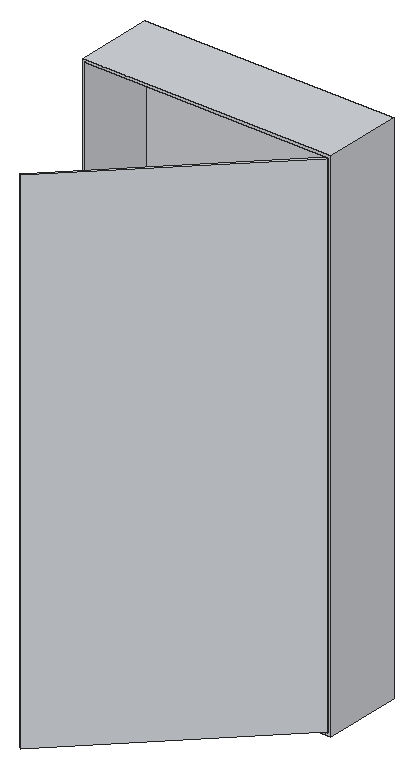
Revit family "Hager-Volta-IP30-Surface_mounted-leer-NoHosted-AT-de", category Electrical Equipment, Revit 2020
Family settings
  Panel Configuration = Two Columns, Circuits Across
  Round Connector Dimension = Use Diameter
  Part Type = Panelboard
  Work Plane-Based = Yes
  Always vertical = Yes
  Cut with Voids When Loaded = No
  Shared = No
  Room Calculation Point = No
Parameters (values of type "Aufputz IP30 B305 H640 T96.5 12 Teilungseinheiten - VA48WWH")
  Width Control [instance] = if([HG000006 - Unterputz], if([EF000846 - Einbaubreite] > min_whd, [EF000846 - Einbaubreite], min_whd), if([EF000008 - Breite] > min_whd, ([EF000008 - Breite]), min_whd))  # 305 mm
  Void Depth [instance] = if([EF000218 - Einbautiefe] > 1 mm, [EF000218 - Einbautiefe], 1 mm)  # 1 mm
  Type Comments = [HG000003 - Bereich]  # "Volta"
  System Height [instance] = Height Control - 2 * [HG000005 - Dicke]  # 634 mm
  Panel Name [instance] = ""  # (empty or 0)
  Offset [instance] = 0 mm
  Model = [HG000004 - Herstellerreferenz]  # "VA48WWH"
  Level Offset [instance] = [Flush Mounted - Door Frame Width] + Offset  # 0 mm
  HG000017 - Distanz zwischen den Polen = 18 mm
  HG000016 - 3D-Türsichtbarkeit [instance] = yes
  HG000015 - Sichtbarkeit der Türöffnung [instance] = no
  HG000014 - Tür rechts [instance] = yes
  HG000013 - Tür links [instance] = not([HG000014 - Tür rechts])  # no
  HG000012 - Türschwenkwinkel [instance] = 45.00°
  HG000011 - Leere Reihen von unten = no
  HG000010 - Asymmetrische Türen = no
  HG000009 - Doppelflügeligen Tür = no
  HG000008 - Anzahl der leeren Reihen = 0
  HG000007 - Anzahl der leeren Spalten = 0
  HG000006 - Unterputz = no
  HG000005 - Dicke = 3 mm  # constant formula
  HG000004 - Herstellerreferenz = "VA48WWH"
  HG000003 - Bereich = "Volta"
  HG000002 - Mit tür = yes
  HG000001 - Anzahl der Spalten = 0
  EF015941 - Signaldurchlassende Tür = no
  EF015777 - Neutralleiterklemmenblock = no
  EF015776 - Erdungsklemmenblock = no
  EF009212 - Ausführung Deckel = "EV009916 - mit Ausschnitt"
  EF006306 - Mit Schloss = no
  EF006244 - Transparenter Deckel/Tür = no
  EF005474 - Schutzart (IP) = "EV006410 - IP30"
  EF004462 - Art der Schließung = "EV000154 - sonstige"
  EF002950 - Breite in Teilungseinheiten = 12
  EF001596 - Werkstoff des Gehäuses = "EV000154 - sonstige"
  EF001134 - DIN-Schiene = yes
  EF001131 - Innentiefe = 92 mm
  EF001088 - Anbaumöglichkeit = yes
  EF001062 - EMV-Ausführung = no
  EF000846 - Einbaubreite = 0 mm
  EF000339 - Art der Abdeckung = "EV004216 - Tür"
  EF000332 - Einbauhöhe = 0 mm
  EF000266 - Anzahl der Reihen = 0
  EF000218 - Einbautiefe = 0 mm
  EF000118 - Mit Montageplatte = yes
  EF000116 - RAL-Nummer = "9010"
  EF000049 - Tiefe = 96 mm
  EF000040 - Höhe = 640 mm
  EF000008 - Breite = 305 mm
  EF000007 - Farbe = "EV000202 - weiß"
  EF000003 - Montageart = "EV000384 - Aufputz"
  Description = ""
  Default Elevation = 1219.2 mm
  Arrow Offset [instance] = Depth Control / 8  # 12 mm
  Arrow Height [instance] = Depth Control - Arrow Offset  # 84 mm
  Host Offset [instance] = if([HG000006 - Unterputz], 0 mm, [EF000049 - Tiefe])  # 96 mm
  min_whd [instance] = (2 * [HG000005 - Dicke]) + 1 mm  # 7 mm
  Manufacturer = "Hager"  # constant formula
  Height Control [instance] = if([HG000006 - Unterputz], if([EF000332 - Einbauhöhe] > min_whd, [EF000332 - Einbauhöhe], min_whd), if([EF000040 - Höhe] > min_whd, ([EF000040 - Höhe]), min_whd))  # 640 mm
  Flush Mounted - Door Frame Width [instance] = if(([EF000040 - Höhe] - [EF000332 - Einbauhöhe]) > 0 mm, if([HG000006 - Unterputz], [EF000040 - Höhe] - [EF000332 - Einbauhöhe], 0 mm), 0 mm)  # 0 mm
  Depth Control [instance] = if([HG000006 - Unterputz], if([EF000218 - Einbautiefe] > 0 mm, [EF000218 - Einbautiefe], 1 mm), if([EF000049 - Tiefe] > 0 mm, ([EF000049 - Tiefe]), 1 mm))  # 96 mm
Types (4, lengths in mm): name | System Height | Model | HG000004 - Herstellerreferenz | EF000040 - Höhe | Height Control
  Aufputz IP30 B305 H515 T96.5 12 Teilungseinheiten - VA36NW | 509 | "VA36NW" | "VA36NW" | 515 | 515
  Aufputz IP30 B305 H515 T96.5 12 Teilungseinheiten - VA36WWH | 509 | "VA36WWH" | "VA36WWH" | 515 | 515
  Aufputz IP30 B305 H640 T96.5 12 Teilungseinheiten - VA48NW | 634 | "VA48NW" | "VA48NW" | 640 | 640
  Aufputz IP30 B305 H640 T96.5 12 Teilungseinheiten - VA48WWH | 634 | "VA48WWH" | "VA48WWH" | 640 | 640
Reference planes
  plane 1 "Center (Front/Back)": y = 0
  plane 2: z = 0
  plane 3 "Center (Left/Right)": x = 0
  plane 4: y = 3
  plane 5: y = 0
  plane 6: y = 0
  plane 7: z = 0
  plane 8: x = -152.5
  plane 9: x = 152.5
  plane 10: x = 149.5
  plane 11: x = -149.5
  plane 12: z = 0
  plane 13: z = 3
  plane 14: y = -91
  plane 15: y = -96
  plane 16: y = -3
  plane 17: z = 637
  plane 18: z = 640
  plane 19: z = 320
  plane 20: x = 0
  plane 21: y = -100
Forms (mm)
  Extrusion 1, solid
    sketch origin (-208.679, -4572, 0) x (-1, 0, 0) y (0, -1, 0)
      loop
        line (-56.179, -4476) -> (-361.179, -4476) -> (-361.179, -4572) -> (-56.179, -4572) -> (-56.179, -4476)
    from 0 to 640 <- "Height Control"
  Extrusion 2, void
    sketch origin (-350.771, -96, 1219.2) x (1, 0, 0) y (0, 0, 1)
      loop
        line (201.271, -582.2) -> (201.271, -1216.2) -> (500.271, -1216.2) -> (500.271, -582.2) -> (201.271, -582.2)
    from 0 to -93
  Extrusion 3, solid, detail levels coarse+medium
    sketch origin (-350.771, -96, 1219.2) x (-1, 0, 0) y (0, 0, 1)
      loop
        line (-201.271, -582.2) -> (-500.271, -582.2) -> (-500.271, -1216.2) -> (-201.271, -1216.2) -> (-201.271, -582.2)
    from 0 to 3 <- "HG000005 - Dicke"
Cuts and joins
  Extrusion 2 cuts Extrusion 1
Dimensions and locks
  "Flush Mounted - Door Frame Width": plane 1 "Center (Front/Back)" to plane 6
  "HG000005 - Dicke": plane 4 to plane 6
  "HG000005 - Dicke": plane 8 to plane 11
  "HG000005 - Dicke": plane 9 to plane 10
  equal spacing: plane 8, plane 3 "Center (Left/Right)", plane 9
  "Width Control": plane 8 to plane 9
  locked: plane 14 to plane 15 at 5
  "Host Offset": plane 1 "Center (Front/Back)" to plane 15
  "Depth Control": plane 5 to plane 15
  "HG000005 - Dicke": plane 5 to plane 16
  "HG000005 - Dicke": plane 13 to plane 12
  "Level Offset": plane 12 to level
  "HG000005 - Dicke": plane 18 to plane 17
  "Height Control": plane 18 to plane 12
  "Arrow Offset": plane 5 to nested 4
  equal spacing: plane 18, plane 19, plane 12
  locked: connector elem to plane 19
  locked: connector elem to plane 3 "Center (Left/Right)"
  aligned and locked: nested 1 to plane 14
  aligned and locked: plane 3 "Center (Left/Right)" to nested 1
  aligned and locked: plane 3 "Center (Left/Right)" to nested 2
  aligned and locked: nested 2 to plane 15
  aligned and locked: plane 5 to Extrusion 1
  aligned and locked: Extrusion 3 sketch curve to plane 17
  aligned and locked: Extrusion 3 sketch curve to plane 11
  aligned and locked: plane 13 to Extrusion 3 sketch curve
  aligned and locked: Extrusion 3 sketch curve to plane 10
  aligned and locked: plane 13 to Extrusion 2 sketch curve
  aligned and locked: Extrusion 2 sketch curve to plane 10
  aligned and locked: Extrusion 2 sketch curve to plane 17
  aligned and locked: Extrusion 2 sketch curve to plane 11
  aligned and locked: plane 16 to Extrusion 2
  aligned and locked: plane 5 to Extrusion 1 sketch curve
  aligned and locked: plane 9 to Extrusion 1 sketch curve
  aligned and locked: plane 8 to Extrusion 1 sketch curve
  aligned and locked: plane 8 to nested 4
  aligned and locked: plane 8 to nested 3
  aligned and locked: nested 3 to plane 5
  aligned and locked: Extrusion 1 sketch curve to plane 15
  aligned and locked: Extrusion 2 to plane 15
Nested families
  nested 1: "Hager_Enclosure_System" at (0, -91, 3), Flush_Mounted <- "HG000006 - Unterputz", Width <- "EF000008 - Breite", Height <- "System Height", Width_Control <- "Width Control", Row_Module_Multiplicator <- "EF002950 - Breite in Teilungseinheiten", Empty_Columns <- "HG000007 - Anzahl der leeren Spalten", Built-in_Width <- "EF000846 - Einbaubreite", Border <- "HG000005 - Dicke", Total_No_Empty_Rows <- "HG000008 - Anzahl der leeren Reihen", Depth <- "HG000005 - Dicke", Empty_Rows_From_Bottom <- "HG000011 - Leere Reihen von unten", Distance_Between_Poles <- "HG000017 - Distanz zwischen den Polen", Rows_Count <- "EF000266 - Anzahl der Reihen", Columns_Count <- "HG000001 - Anzahl der Spalten", type "Hager_Enclosure_System", detail levels medium+fine
    with Width_Control 305 mm, Width 305 mm, Total_No_Rows 0, Total_No_Empty_Rows 0, Total_No_Columns 1, System_Width 299 mm, Rows_Count 0, Rows_Column 0, Row_Module_Multiplicator 12, Panel_4 no, Panel_3 no, Panel_2 no, Panel_1 no, No_Panels_Ctrl 1, Hide_Columns yes, Height 634 mm, Flush_Mounted no, Empty_Rows_From_Bottom no, Empty_Rows_Column 0, Empty_Columns 0, Distance_Between_Poles 18 mm, Depth 3 mm, Columns_Count 0, Column_Width 299 mm, Built-in_Width 0 mm, Border 3 mm
  nested 2: "Hager_Enclosure_Door" at (0, -96, 0), Double <- "HG000009 - Doppelflügeligen Tür", Height_Ctrl <- "Height Control", Transparent <- "EF006244 - Transparenter Deckel/Tür", Depth <- "EF000049 - Tiefe", Height <- "EF000040 - Höhe", Angle <- "HG000012 - Türschwenkwinkel", Door_Right <- "HG000014 - Tür rechts", Assymetrical <- "HG000010 - Asymmetrische Türen", Flush_Mounted <- "HG000006 - Unterputz", BuiltIn_Depth <- "EF000218 - Einbautiefe", BuiltIn_Width <- "EF000846 - Einbaubreite", Door <- "HG000002 - Mit tür", Width_Ctrl <- "Width Control", 3d_Door <- "HG000016 - 3D-Türsichtbarkeit", Width <- "EF000008 - Breite", Border <- "HG000005 - Dicke", BuiltIn_Height <- "EF000332 - Einbauhöhe", Clearance <- "HG000015 - Sichtbarkeit der Türöffnung", Door_Left <- "HG000013 - Tür links", type "Hager_Enclosure_Door", detail levels medium+fine
    with min_wh 7 mm, Width_Ctrl 305 mm, Width 305 mm, Transparent_Door_No_Bottom_Border no, Transparent no, Leaf_Width 296 mm, Leaf_Tolerance 1.5 mm, Leaf_Height 631 mm, Leaf_2_Width 296 mm, Leaf_2_Offset 148 mm, Leaf_1_Width 296 mm, Leaf_1_Offset 148 mm, Height_Ctrl 640 mm, Height 640 mm, Frame_Width_Ctrl 305 mm, Frame_Width 305 mm, Frame_Internal_Offset 0 mm, Frame_Height_Ctrl 640 mm, Frame_Height 640 mm, Frame_Depth_Ctrl 1 mm, Frame_Depth 0 mm, Flush_Mounted no, Double_Clearance_Ctrl no, Double no, Door_Right_Ctrl yes, Door_Right yes, Door_Left_Ctrl no, Door_Left no, Door yes, Depth 96 mm, Clearance_Depth 296 mm, Clearance_Ctrl no, Clearance no, BuiltIn_Width 0 mm, BuiltIn_Height 0 mm, BuiltIn_Depth 0 mm, Border 3 mm, Assymetrical no, Angle 45.00°, 3d_Door yes
  nested 3: "Hager_Enclosure_Symbol_Triangle" at (-152.5, 0, 0), Depth <- "Depth Control", Width <- "Width Control", type "Hager_Enclosure_Symbol_Triangle"
    with Width_Ctrl 305 mm, Width 305 mm, Depth_Ctrl 96 mm, Depth 96 mm
  nested 4: "Hager_Enclosure_Symbol_Arrow" at (-152.5, -12, 0), Height <- "Arrow Height", type "Hager_Enclosure_Symbol_Arrow"
    with Width_Inside 6.3 mm, Width 75.6 mm, Height_Ctrl 84 mm, Height 84 mm
Connectors
  electrical at (0, 0, 320)
    settings: on plane 5, index 1, voltage 0 V, apparent load 0 VA, apparent load phase1 0 VA, apparent load phase2 0 VA, apparent load phase3 0 VA, power factor 1, load classification "Other", number of poles 1, system type 30, power factor state 1, is connector primary yes, connector utility no, sub classification motor no, connector description ""
Definition of nested family "Hager_Enclosure_Door"
  Parameters (values of type "Hager_Enclosure_Door")
    min_wh [instance] = (2 * Border) + 1 mm  # 11 mm
    Width_Ctrl [instance] = 400 mm
    Width [instance] = 500 mm
    Transparent_Door_No_Bottom_Border [instance] = no
    Transparent [instance] = yes
    Leaf_Width [instance] = if((Width_Ctrl - 2 * Border - 2 * Leaf_Tolerance) > 0 mm, (Width_Ctrl - 2 * Border - 2 * Leaf_Tolerance), min_wh)  # 387 mm
    Leaf_Tolerance [instance] = 1.5 mm  # constant formula
    Leaf_Height [instance] = if((Height_Ctrl - 2 * Border - 2 * Leaf_Tolerance) > 0 mm, (Height_Ctrl - 2 * Border - 2 * Leaf_Tolerance), min_wh)  # 387 mm
    Leaf_2_Width [instance] = if(and(and(Double, Assymetrical), Door_Left), (Leaf_Width / 3) - (Leaf_Tolerance / 2), if(and(and(Double, Assymetrical), Door_Right), (Leaf_Width / 3) * 2 - (Leaf_Tolerance / 2), if(and(Double, not(Assymetrical)), (Leaf_Width / 2) - Leaf_Tolerance, Leaf_Width)))  # 387 mm
    Leaf_2_Offset [instance] = if(and(Double, Assymetrical), Leaf_2_Width / 2, if(and(Double, not(Assymetrical)), Leaf_Width / 4, Leaf_Width / 2))  # 193.5 mm
    Leaf_1_Width [instance] = if(and(and(Double, Assymetrical), Door_Right), (Leaf_Width / 3) - (Leaf_Tolerance / 2), if(and(and(Double, Assymetrical), Door_Left), (Width / 3) * 2 - (Leaf_Tolerance / 2), if(and(Double, not(Assymetrical)), (Leaf_Width / 2) - Leaf_Tolerance, Leaf_Width)))  # 387 mm
    Leaf_1_Offset [instance] = if(and(Double, Assymetrical), Leaf_1_Width / 2, if(and(Double, not(Assymetrical)), Leaf_Width / 4, Leaf_Width / 2))  # 193.5 mm
    Height_Ctrl [instance] = 400 mm
    Height [instance] = 500 mm
    Frame_Width_Ctrl [instance] = if(Frame_Width > 0 mm, Frame_Width, 1 mm)  # 1 mm
    Frame_Width [instance] = Width - BuiltIn_Width  # 0 mm
    Frame_Internal_Offset [instance] = if(Flush_Mounted, Border, 0 mm)  # 5 mm
    Frame_Height_Ctrl [instance] = if(Frame_Height > 0 mm, Frame_Height, 1 mm)  # 1 mm
    Frame_Height [instance] = Height - BuiltIn_Height  # 0 mm
    Frame_Depth_Ctrl [instance] = if(Frame_Depth > 0 mm, Frame_Depth, 1 mm)  # 1 mm
    Frame_Depth [instance] = if(Depth - BuiltIn_Depth > 0 mm, if(Flush_Mounted, Depth - BuiltIn_Depth, 0 mm), 0 mm)  # 0 mm
    Flush_Mounted [instance] = yes
    Double_Clearance_Ctrl [instance] = and(Double, Clearance)  # no
    Double [instance] = no
    Door_Right_Ctrl [instance] = and(or(Door_Right, Double), Door)  # yes
    Door_Right [instance] = yes
    Door_Left_Ctrl [instance] = and(or(Door_Left, Double), Door)  # no
    Door_Left [instance] = no
    Door [instance] = yes
    Depth [instance] = 500 mm
    Default Elevation = 1219.2 mm
    Clearance_Material = none
    Clearance_Depth [instance] = if(Leaf_1_Width > Leaf_2_Width, Leaf_1_Width, Leaf_2_Width)  # 387 mm
    Clearance_Ctrl [instance] = and(not(Double), Clearance)  # yes
    Clearance [instance] = yes
    BuiltIn_Width [instance] = 500 mm
    BuiltIn_Height [instance] = 500 mm
    BuiltIn_Depth [instance] = 500 mm
    Border [instance] = 5 mm
    Assymetrical [instance] = yes
    Angle [instance] = 30.00°
    3d_Door [instance] = yes
  Reference planes
    plane 1 "Center (Front/Back)": y = 0
    plane 2 "Bottom": z = 0
    plane 3 "Center (Left/Right)": x = 0
    plane 4: z = 400
    plane 5: x = -200
    plane 6: x = 200
    plane 7: z = 395
    plane 8: x = -195
    plane 9: z = 5
    plane 10: x = 195
    plane 11: y = 0
    plane 12: z = 6.5
    plane 13: x = -582
    plane 14: y = -387
    plane 15: x = 582
    plane 16: x = 0
    plane 17: x = 0
    plane 18: x = -193.5
    plane 19: x = 193.5
    plane 20: z = 393.5
  Forms (mm)
    Extrusion 1, solid, visible <- "Flush_Mounted"
      sketch origin (0, 0, 0) x (1, 0, 0) y (0, 0, 1)
        loop
          line (195, 5) -> (195, 395) -> (-195, 395) -> (-195, 5) -> (195, 5)
        loop
          line (-201, 401) -> (-201, -1) -> (201, -1) -> (201, 401) -> (-201, 401)
      from 0 to 1 <- "Frame_Depth_Ctrl"
    Extrusion 2, solid, material <- "Clearance_Material", visible <- "Double_Clearance_Ctrl"
      sketch origin (1200, 0, 0) x (1, 0, 0) y (0, 0, -1)
        loop
          line (-1782, -393.5) -> (-618, -393.5) -> (-618, 0) -> (-1782, 0) -> (-1782, -393.5)
      from 0 to -387
  Dimensions and locks
    equal spacing: plane 5, plane 3 "Center (Left/Right)", plane 6
    "Width_Ctrl": plane 5 to plane 6
    "Border": plane 5 to plane 8
    "Border": plane 6 to plane 10
    "Border": plane 9 to level
    "Border": plane 4 to plane 7
    "Height_Ctrl": plane 4 to level
    "Leaf_Tolerance": plane 12 to plane 9
    "Frame_Depth": plane 11 to plane 1 "Center (Front/Back)"
    "Frame_Width_Ctrl": plane 5 to Extrusion 1 sketch curve
    "Frame_Width_Ctrl": plane 6 to Extrusion 1 sketch curve
    "Frame_Width_Ctrl": Extrusion 1 sketch curve to plane 4
    "Frame_Width_Ctrl": plane 2 "Bottom" to Extrusion 1 sketch curve
    "Leaf_1_Offset": plane 18 to plane 16
    "Leaf_2_Offset": plane 17 to plane 19
    "Leaf_1_Width": plane 13 to plane 8
    "Leaf_2_Width": plane 10 to plane 15
    "Clearance_Depth": plane 14 to plane 1 "Center (Front/Back)"
    "Leaf_Tolerance": plane 8 to plane 18
    "Leaf_Tolerance": plane 19 to plane 10
    "Leaf_Tolerance": plane 7 to plane 20
    "Frame_Internal_Offset": plane 5 to Extrusion 1 sketch curve
    "Frame_Internal_Offset": Extrusion 1 sketch curve to plane 2 "Bottom"
    "Frame_Internal_Offset": plane 6 to Extrusion 1 sketch curve
    "Frame_Internal_Offset": plane 4 to Extrusion 1 sketch curve
    aligned and locked: level to plane 2 "Bottom"
    aligned and locked: nested 1 to plane 16
    aligned and locked: nested 2 to plane 17
    aligned and locked: Extrusion 2 to plane 13
    aligned and locked: plane 15 to Extrusion 2
    aligned and locked: Extrusion 2 to plane 14
    aligned and locked: plane 12 to nested 1
    aligned and locked: nested 2 to plane 12
    aligned and locked: Extrusion 2 to plane 11
    aligned and locked: plane 20 to Extrusion 2
    aligned and locked: nested 2 to plane 11
    aligned and locked: nested 1 to plane 11
  Automatic sketch dimensions
    Extrusion 2 sketch curve to level = 0 mm
    plane 5 to Extrusion 2 sketch curve = 382 mm
    plane 6 to Extrusion 2 sketch curve = 382 mm
    Extrusion 2 sketch curve to plane 4 = 6.5 mm
  Nested families
    nested 1: "Hager_Enclosure_Door_Leaf" at (0, 0, 6.5), Width <- "Leaf_1_Width", visible <- "Door_Left_Ctrl", Leaf_Height <- "Leaf_Height", Angle <- "Angle", Depth <- "Border", 3d_Door <- "3d_Door", Transparent <- "Transparent", Clearance Material <- "Clearance_Material", Clearance <- "Clearance_Ctrl", Transparent_Door_No_Bottom_Border <- "Transparent_Door_No_Bottom_Border", type "Hager_Enclosure_Door_Leaf"
      with Width 387 mm, Transparent_Door_No_Bottom_Border no, Transparent_Door_Border_Bottom_Top 25 mm, Transparent_Door_Border 25 mm, Transparent_Ctrl yes, Transparent yes, Standard no, Leaf_Height 387 mm, Glass_Offset 1 mm, Depth 5 mm, Clearance Material none, Clearance yes, Angle_Ctrl 30.00°, Angle 30.00°, 3d_Door yes
    nested 2: "Hager_Enclosure_Door_Leaf" at (0, 0, 6.5) x (-1, 0, 0) z (0, 0, 1), Width <- "Leaf_2_Width", visible <- "Door_Right_Ctrl", Leaf_Height <- "Leaf_Height", Angle <- "Angle", Depth <- "Border", 3d_Door <- "3d_Door", Transparent <- "Transparent", Clearance Material <- "Clearance_Material", Clearance <- "Clearance_Ctrl", Transparent_Door_No_Bottom_Border <- "Transparent_Door_No_Bottom_Border", type "Hager_Enclosure_Door_Leaf"
      with Width 387 mm, Transparent_Door_No_Bottom_Border no, Transparent_Door_Border_Bottom_Top 25 mm, Transparent_Door_Border 25 mm, Transparent_Ctrl yes, Transparent yes, Standard no, Leaf_Height 387 mm, Glass_Offset 1 mm, Depth 5 mm, Clearance Material none, Clearance yes, Angle_Ctrl 30.00°, Angle 30.00°, 3d_Door yes
  Definition of nested family "Hager_Enclosure_Door_Leaf"
    Parameters (values of type "Hager_Enclosure_Door_Leaf")
      Width [instance] = 2000 mm
      Transparent_Door_No_Bottom_Border [instance] = yes
      Transparent_Door_Border_Bottom_Top [instance] = if(Transparent_Door_No_Bottom_Border, 0.1 mm, Transparent_Door_Border)  # 0.1 mm
      Transparent_Door_Border [instance] = if(Transparent_Door_No_Bottom_Border, (Width * 0.12), 25 mm)  # 240 mm
      Transparent_Ctrl [instance] = and(Transparent, [3d_Door])  # yes
      Transparent [instance] = yes
      Standard [instance] = and(not(Transparent), [3d_Door])  # no
      Leaf_Height [instance] = 2720.336 mm
      Glass_Offset [instance] = if((Depth - 10 mm) / 2 > 0 mm, (Depth - 10 mm) / 2, 1 mm)  # 15 mm
      Glass_Material = none
      Depth [instance] = 40 mm
      Default Elevation = 0 mm
      Clearance Material [instance] = none
      Clearance [instance] = yes
      Angle_Ctrl [instance] = if(Angle > 170.00°, 170.00°, Angle)  # 45.00°
      Angle [instance] = 45.00°
      3d_Door [instance] = yes
    Reference planes
      plane 1 "Center (Front/Back)": y = 0
      plane 2: z = 0
      plane 3 "Center (Left/Right)": x = 0
      plane 4: y = 2000
      plane 5: x = -1000
      plane 6: x = 1000
      plane 7: x = -3000
      plane 8: z = 2720.336
      plane 9: z = 0.1
      plane 10: z = 2720.236
      plane 11: x = 760
      plane 12: x = -760
    Forms (mm)
      Extrusion 1, solid, material <- "Clearance Material", visible <- "Clearance"
        sketch origin (0, 0, 0) x (1, 0, 0) y (0, 0, 1)
          loop
            line (-3000, 2720.336) -> (-3000, 0) -> (1000, 0) -> (1000, 2720.336) -> (-3000, 2720.336)
        from 0 to -2000
      Extrusion 2, solid, visible <- "Standard", detail levels medium+fine
        sketch origin (-1000, 0, 0) x (0.707107, 0.707107, 0) y (-0.707107, 0.707107, 0)
          loop
            line (0, -40) -> (2000, -40) -> (2000, 0) -> (0, 0) -> (0, -40)
        from 0 to 2720.336 <- "Leaf_Height"
      Extrusion 3, solid, visible <- "Transparent_Ctrl", detail levels medium+fine
        sketch origin (-1000, 0, 0) x (0.707107, 0.707107, 0) y (-0.707107, 0.707107, 0)
          loop
            line (0, -40) -> (2000, -40) -> (2000, 0) -> (0, 0) -> (0, -40)
        from 0 to 2720.336 <- "Leaf_Height"
      Extrusion 4, void, detail levels medium+fine
        sketch origin (-1000, 0, 0) x (-0.707107, 0.707107, 0) y (0.707107, 0.707107, 0)
          loop
            line (0, 240) -> (0, 1760) -> (-40, 1760) -> (-40, 240) -> (0, 240)
        from -2720.236 to -0.1
      Extrusion 5, solid, material <- "Glass_Material", visible <- "Transparent_Ctrl", detail levels medium+fine
        sketch origin (-1000, 0, 0) x (0.707107, 0.707107, 0) y (-0.707107, 0.707107, 0)
          loop
            line (240, -15) -> (240, -25) -> (1760, -25) -> (1760, -15) -> (240, -15)
        from 0.1 to 2720.236
    Cuts and joins
      Extrusion 4 cuts Extrusion 3
    Lines and regions (mm)
      symbolic lines
        curve 1: line (1000, 0, 0) -> (-3000, 0, 0)
        curve 2: arc (1000, 0, 0) -> (-1000, 2000, 0) -> (-3000, 0, 0) r 2000
        curve 4: line (-1000, 0, 0) -> (414.214, 1414.214, 0)
      reference lines
        curve 3: line (-1000, 0, 0) -> (414.214, 1414.214, 0)
      symbolic lines, detail levels medium+fine
        curve 5: line (414.214, 1414.214, 0) -> (442.498, 1385.929, 0)
        curve 6: line (442.498, 1385.929, 0) -> (-971.716, -28.284, 0)
        curve 7: line (-971.716, -28.284, 0) -> (-1000, 0, 0)
        curve 8: line (-1000, 0, 2720.336) -> (1000, 0, 2720.336)
        curve 9: line (-1000, 0, 0) -> (-1000, 0, 2720.336)
        curve 10: line (1000, 0, 0) -> (-1000, 0, 0)
        curve 11: line (1000, 0, 2720.336) -> (1000, 0, 0)
      symbolic lines, visible <- "Transparent_Ctrl", detail levels medium+fine
        curve 12: line (-760, 0, 2720.236) -> (760, 0, 2720.236)
        curve 13: line (-760, 0, 0.1) -> (-760, 0, 2720.236)
        curve 14: line (760, 0, 0.1) -> (-760, 0, 0.1)
        curve 15: line (760, 0, 2720.236) -> (760, 0, 0.1)
    Dimensions and locks
      "Width": plane 1 "Center (Front/Back)" to plane 4
      equal spacing: plane 5, plane 3 "Center (Left/Right)", plane 6
      "Width": plane 5 to plane 6
      "Width": plane 7 to plane 5
      "Leaf_Height": plane 8 to level
      "Depth": curve 6 to curve 3
      "Width": curve 5 to curve 3
      "Width": curve 3 to curve 3
      "Transparent_Door_Border": Extrusion 4 sketch curve to curve 7
      "Transparent_Door_Border": Extrusion 4 sketch curve to curve 5
      "Transparent_Door_Border_Bottom_Top": plane 8 to plane 10
      "Transparent_Door_Border_Bottom_Top": plane 9 to level
      "Glass_Offset": Extrusion 5 sketch curve to curve 4
      "Glass_Offset": Extrusion 5 sketch curve to curve 6
      "Transparent_Door_Border": Extrusion 5 sketch curve to curve 5
      "Transparent_Door_Border": Extrusion 5 sketch curve to curve 7
      "Transparent_Door_Border": plane 12 to plane 5
      "Transparent_Door_Border": plane 6 to plane 11
      "Angle_Ctrl": angle plane 1 "Center (Front/Back)" to curve 3
      aligned and locked: level to plane 2
      aligned and locked: Extrusion 1 to curve 1
      aligned and locked: plane 6 to Extrusion 1
      aligned and locked: Extrusion 1 to plane 1 "Center (Front/Back)"
      aligned and locked: plane 4 to Extrusion 1
      aligned and locked: plane 8 to Extrusion 1
      aligned and locked: curve 4 to curve 3
      aligned and locked: Extrusion 2 sketch curve to curve 7
      aligned and locked: Extrusion 2 sketch curve to curve 6
      aligned and locked: Extrusion 2 sketch curve to curve 5
      aligned and locked: Extrusion 2 sketch curve to curve 3
      aligned and locked: curve 7 to Extrusion 3 sketch curve
      aligned and locked: Extrusion 3 sketch curve to curve 4
      aligned and locked: Extrusion 3 sketch curve to curve 6
      aligned and locked: Extrusion 3 sketch curve to curve 5
      aligned and locked: curve 4 to Extrusion 4 sketch curve
      aligned and locked: curve 6 to Extrusion 4 sketch curve
      aligned and locked: Extrusion 4 to plane 9
      aligned and locked: Extrusion 4 to plane 10
      aligned and locked: Extrusion 5 to plane 9
      aligned and locked: Extrusion 5 to plane 10
      aligned and locked: curve 8 to plane 8
      aligned and locked: plane 5 to curve 9
      aligned and locked: plane 2 to curve 10
      aligned and locked: curve 11 to plane 6
      aligned and locked: plane 10 to curve 12
      aligned and locked: plane 12 to curve 13
      aligned and locked: curve 14 to plane 9
      aligned and locked: plane 11 to curve 15
    Automatic sketch dimensions
      plane 1 "Center (Front/Back)" to curve 2 = 0 mm
      curve 2 to plane 5 = 0 mm
      Extrusion 1 sketch curve to level = 0 mm
      Extrusion 1 sketch curve to plane 7 = 0 mm
      Extrusion 1 sketch curve to plane 6 = 0 mm
      Extrusion 1 sketch curve to plane 8 = 0 mm
      plane 1 "Center (Front/Back)" to curve 3 = 0 mm
      curve 3 to plane 5 = 0 mm
      curve 7 to curve 3 = 0 mm
Definition of nested family "Hager_Enclosure_Symbol_Triangle"
  Parameters (values of type "Hager_Enclosure_Symbol_Triangle")
    Width_Ctrl [instance] = if(Width > 1 mm, Width, 1 mm)  # 498 mm
    Width [instance] = 498 mm
    Depth_Ctrl [instance] = if(Depth > 1 mm, Depth, 1 mm)  # 72 mm
    Depth [instance] = 72 mm
  Reference planes
    plane 1 "Centre (avant/arrière)": y = 0
    plane 2: z = 0
    plane 3 "Centre (gauche/droite)": x = 0
  Lines and regions (mm)
    Filled region 1, type "Solid_Black", in view "Niveau de réf."
      outline origin (0, 0, 0) x (1, 0, 0) y (0, 1, 0)
        loop
          line (0, 0) -> (498, 0) -> (498, 72) -> (0, 0)
    reference lines, in view "Niveau de réf."
      curve 1: line (-206.153, 72, 0) -> (1083.258, 72, 0)
      curve 2: line (498, 405.456, 0) -> (498, -517.619, 0)
  Dimensions and locks
    "Depth_Ctrl": plane 1 "Centre (avant/arrière)" to curve 1
    "Width_Ctrl": plane 3 "Centre (gauche/droite)" to curve 2
    aligned and locked: curve 1 to Filled region 1 sketch curve
    aligned and locked: Filled region 1 sketch curve to plane 1 "Centre (avant/arrière)"
    aligned and locked: curve 2 to Filled region 1 sketch curve
    aligned and locked: plane 3 "Centre (gauche/droite)" to Filled region 1 sketch curve
    aligned and locked: plane 1 "Centre (avant/arrière)" to Filled region 1 sketch curve
  Automatic sketch dimensions
    curve 1 to plane 3 "Centre (gauche/droite)" = 206.153 mm
    curve 2 to curve 1 = 585.258 mm
    plane 1 "Centre (avant/arrière)" to curve 2 = 517.619 mm
    curve 2 to plane 1 "Centre (avant/arrière)" = 405.456 mm
Definition of nested family "Hager_Enclosure_Symbol_Arrow"
  Parameters (values of type "Hager_Enclosure_Symbol_Arrow")
    Width_Inside [instance] = if(Width / 12 > 2 mm, Width / 12, 2 mm)  # 4.987 mm
    Width [instance] = if(Height_Ctrl * 0.9 > 2 mm, Height_Ctrl * 0.9, 2 mm)  # 59.85 mm
    Height_Ctrl [instance] = if(Height > 2 mm, Height, 2 mm)  # 66.5 mm
    Height [instance] = 66.5 mm
  Reference planes
    plane 1 "Centre (avant/arrière)": y = 0
    plane 2: z = 0
    plane 3 "Centre (gauche/droite)": x = 0
    plane 4: x = 59.85
    plane 5: y = 28.263
    plane 6: y = 38.238
    plane 7: y = 66.5
    plane 8: x = 29.925
    plane 9: y = 33.25
  Lines and regions (mm)
    Filled region 1, type "Solid_Black", in view "Niveau de réf."
      outline origin (0, 0, 0) x (1, 0, 0) y (0, 1, 0)
        loop
          line (59.85, 66.5) -> (37.929, 52.827) -> (51.846, 41.935) -> (59.85, 66.5)
    detail lines, in view "Niveau de réf."
      curve 1: line (0, 0, 0) -> (29.925, 38.238, 0)
      curve 2: line (29.925, 38.238, 0) -> (29.925, 28.263, 0)
      curve 3: line (29.925, 28.263, 0) -> (59.85, 66.5, 0)
  Dimensions and locks
    "Width": plane 3 "Centre (gauche/droite)" to plane 4
    "Height_Ctrl": plane 7 to plane 1 "Centre (avant/arrière)"
    equal spacing: plane 3 "Centre (gauche/droite)", plane 8, plane 4
    equal spacing: plane 7, plane 9, plane 1 "Centre (avant/arrière)"
    equal spacing: plane 6, plane 9, plane 5
    "Width_Inside": plane 6 to plane 9
    equal spacing: curve 3, Filled region 1 sketch curve, Filled region 1 sketch curve
    angle Filled region 1 sketch curve to curve 3 = 20.00°
    angle curve 3 to Filled region 1 sketch curve = 20.00°
    locked: curve 3 to Filled region 1 sketch curve (angle 90.00°)
  Automatic sketch dimensions
    plane 1 "Centre (avant/arrière)" to curve 1 = 0 mm
    curve 1 to plane 3 "Centre (gauche/droite)" = 0 mm
    curve 2 to plane 6 = 0 mm
    curve 3 to plane 8 = 0 mm
    curve 3 to plane 4 = 0 mm
    curve 2 to plane 5 = 0 mm
    curve 3 to plane 7 = 0 mm
    Filled region 1 sketch curve to plane 4 = 0 mm
    Filled region 1 sketch curve to plane 7 = 0 mm
